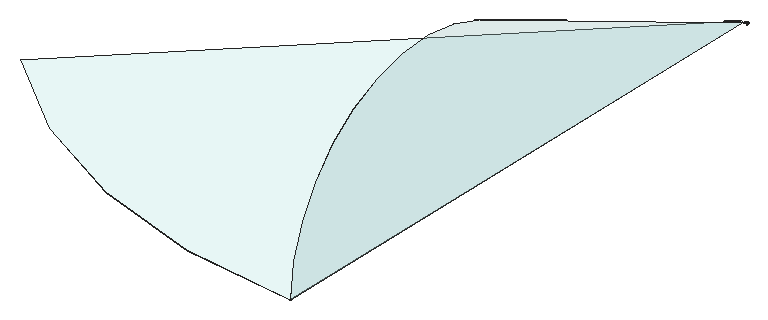
Revit family "Rotor XLR Series - IXLRADJ", category Acessórios do tubo, Revit 2020
Family settings
  Cota do conector redondo = Utilizar diâmetro
  Tipo de parte = Normal
  Número OmniClass = 23.60.30.11.14
  Título OmniClass = Pipework Fittings
  Com base no plano de trabalho = Não
  Sempre na vertical = Sim
  Corte com vazios quando carregada = Não
  Compartilhado = Não
Parameters (values of type "Nozzle 1.10")
  Water = Water
  URL = "https://www.rainbird.com/"
  TABLE 90 = "TABLE 90psi"
  TABLE 80 = "TABLE 80psi"
  TABLE 60 = "TABLE 60psi"
  TABLE 70 = "TABLE 70psi"
  TABLE 50 = "TABLE 50psi"
  TABLE 40 = "TABLE 40psi"
  TABLE 30 = "TABLE 30psi"
  TABLE 120 = "TABLE 120psi"
  TABLE 110 = "TABLE 110psi"
  TABLE 100 = "TABLE 100psi"
  SupportProjetos: Reviw Date = ""  # constant formula
  SupportProjetos: Reviw = "R00"  # constant formula
  SupportProjetos: Level of Detail = "LOD 300"  # constant formula
  SupportProjetos: Developed = "MICHEL SOARES MOTA"  # constant formula
  SupportProjetos: Creation Date = "14/08/2020"  # constant formula
  Side inlet = no
  Rotation Water Visibility [instance] = Pop up on  # yes
  Rotation Angle [instance] = 45.00°
  RainBird: Product Link = "https://www.rainbird.com/"
  RainBird: Description = "IXLRADJ Rotor "  # constant formula
  RainBird: Comment [instance] = ""
  RainBird: Code = "IXLRADJ"  # constant formula
  Radius [instance] = if(and(Pressure = 30.0 psi, Instance < 10 ft), size_lookup(TABLE 30, "Radius", 0 ft, Instance), if(and(Pressure = 40.0 psi, Instance < 19 ft), size_lookup(TABLE 40, "Radius", 0 ft, Instance), if(and(Pressure = 50.0 psi, Instance < 19 ft), size_lookup(TABLE 50, "Radius", 0 ft, Instance), if(and(Pressure = 60.0 psi, Instance < 19 ft), size_lookup(TABLE 60, "Radius", 0 ft, Instance), if(and(Pressure = 70.0 psi, Instance < 19 ft), size_lookup(TABLE 70, "Radius", 0 ft, Instance), if(and(Pressure = 80.0 psi, Instance < 19 ft), size_lookup(TABLE 80, "Radius", 0 ft, Instance), if(and(Pressure = 90.0 psi, Instance < 19 ft), size_lookup(TABLE 90, "Radius", 0 ft, Instance), if(and(Pressure = 100.0 psi, Instance < 19 ft), size_lookup(TABLE 100, "Radius", 0 ft, Instance), if(and(Pressure = 110.0 psi, Instance < 19 ft), size_lookup(TABLE 100, "Radius", 0 ft, Instance), if(and(Pressure = 120.0 psi, Instance > 10 ft), size_lookup(TABLE 120, "Radius", 0 ft, Instance), 0 ft))))))))))  # 104 ft
  RT = 0.009893 ft
  RN = 0.044578 ft
  R5 = 0.03937 ft
  R4 = 0.052124 ft
  R3 = 0.065617 ft
  R2 = 0.088998 ft
  R1 = 0.032808 ft
  Pressure [instance] = 30.0 psi
  Pop up height = 0.164042 ft
  Pop up on [instance] = yes
  Modelo = "IXLRADJ"  # constant formula
  Instance = 9 ft
  H1 = Body height / 3  # 0.047351 ft
  Gray Plastic = Gray Plastic
  Flow [instance] = if(and(Pressure = 30.0 psi, Instance < 10 ft), size_lookup(TABLE 30, "Flow", 0.0 GPM, Instance), if(and(Pressure = 40.0 psi, Instance < 19 ft), size_lookup(TABLE 40, "Flow", 0.0 GPM, Instance), if(and(Pressure = 50.0 psi, Instance < 19 ft), size_lookup(TABLE 50, "Flow", 0.0 GPM, Instance), if(and(Pressure = 60.0 psi, Instance < 19 ft), size_lookup(TABLE 60, "Flow", 0.0 GPM, Instance), if(and(Pressure = 70.0 psi, Instance < 19 ft), size_lookup(TABLE 70, "Flow", 0.0 GPM, Instance), if(and(Pressure = 80.0 psi, Instance < 19 ft), size_lookup(TABLE 80, "Flow", 0.0 GPM, Instance), if(and(Pressure = 90.0 psi, Instance < 19 ft), size_lookup(TABLE 90, "Flow", 0.0 GPM, Instance), if(and(Pressure = 100.0 psi, Instance < 19 ft), size_lookup(TABLE 100, "Flow", 0.0 GPM, Instance), if(and(Pressure = 110.0 psi, Instance < 19 ft), size_lookup(TABLE 100, "Flow", 0.0 GPM, Instance), if(and(Pressure = 120.0 psi, Instance > 10 ft), size_lookup(TABLE 120, "Flow", 0.0 GPM, Instance), 0.0 GPM))))))))))  # 189.0 GPM
  Fabricante = "Rain Bird"
  Elevação padrão = 0 ft
  Description = RainBird: Description  # "IXLRADJ Rotor "
  DD13 = 0.002625 ft
  DD12 = 0.003937 ft
  DD11 = 0.009897 ft
  DD10 = 0.016404 ft
  DD8 [instance] = if(Pop up on, Pop up height, 0 ft)  # 0.164042 ft
  DD7 = 0.019685 ft
  DD6 [instance] = 0.016404 ft
  DD5 = 0.065617 ft
  DD4 = 0.82021 ft
  DD3 = 0.044055 ft
  DD2 [instance] = 0.024514 ft
  DD9 [instance] = if(Pop up on, Pop up height + 0.049541 ft, 0.026247 ft)  # 0.213583 ft
  DD1 = 0.006562 ft
  DD = 0.492126 ft
  Conection = 0.062664 ft  # constant formula
  Cobre = Cobre
  Body height = 0.142054 ft
  Blue = Blue Plastic
  Black Plastic = Black Plastic
  Angle = 24.00°
Types (10, lengths in ft): name | Radius | Instance | Flow | Angle
  (no name) | 104 | 9 | 189.0 GPM | 24.00°
  Nozzle 0.47 | 81 | 1 | 35.0 GPM | 25.00°
  Nozzle 0.55 | 88 | 2 | 48.0 GPM | 25.00°
  Nozzle 0.63 | 96 | 3 | 62.0 GPM | 25.00°
  Nozzle 0.71 | 98 | 4 | 78.0 GPM | 25.00°
  Nozzle 0.79 | 99 | 5 | 97.0 GPM | 25.00°
  Nozzle 0.87 | 101 | 6 | 117.0 GPM | 25.00°
  Nozzle 0.94 | 102 | 7 | 139.0 GPM | 25.00°
  Nozzle 1.02 | 103 | 8 | 164.0 GPM | 25.00°
  Nozzle 1.10 | 104 | 9 | 189.0 GPM | 24.00°
Reference planes (ft)
  plane 1 "Centro (Frente/Trás)": y = 0
  plane 2: z = 0
  plane 3 "Centro (Esquerda/Direita)": x = 0
  plane 4: z = 0.003937
  plane 5: z = 0.002625
  plane 6: y = -0.065617
Forms (ft)
  Revolve 1, solid, material "Cobre" <- "Cobre"
    sketch origin (0, 0, 0) x (1, 0, 0) y (0, 0, 1)
      loop
        line (0.088998, -0.044055) -> (0.088998, -0.016154) -> (0.110538, -0.016154) -> (0.110538, 0.02344)
        arc (0.110538, 0.02344) -> (0.108361, 0.028697) -> (0.103103, 0.030875) r 0.007435
        line (0.103103, 0.030875) -> (0.088998, 0.030875) -> (0.088998, 0.041745) -> (0.075211, 0.041745) -> (0.075211, 0.046088) -> (0.006562, 0.046088) -> (0.006562, -0.044055) -> (0.03937, -0.044055) -> (0.03937, -0.051181) -> (0.019685, -0.051181) -> (0.019685, -0.138545) -> (0.044578, -0.138545) -> (0.044578, -0.142054) -> (0.052124, -0.142054) -> (0.052124, -0.138545) -> (0.073088, -0.138545)
        arc (0.073088, -0.138545) -> (0.080084, -0.135647) -> (0.082981, -0.128652) r 0.009893
        line (0.082981, -0.128652) -> (0.082981, -0.044055) -> (0.088998, -0.044055)
      axis (0, -0.142054) -> (0, 0.046088)
    angle from 0 to 360
  Extrusion 2, solid, material "Water" <- "Water", visible <- "Rotation Water Visibility"
    sketch origin (0, 0, 0) x (0, 1, 0) y (0, 0, 1)
      loop
        line (-0.82021, 0.494751) -> (-61.375696, 27.45579)
        arc (-61.375696, 27.45579) -> (-90.239007, 25.482231) -> (-104.82021, 0.494751) r 30.901722
        line (-104.82021, 0.494751) -> (-0.82021, 0.494751)
    from -0.008202 to 0.008202
  Extrusion 3, solid, material "Gray Plastic" <- "Gray Plastic", visible <- "Pop up on"
    sketch origin (-0.00137, -0.002795, -0.035698) x (-0.00469, 0.999989, 0) y (0, 0, 1)
      loop
        line (-0.060666, 0.164299) -> (-0.067193, 0.150302) -> (-0.091523, 0.174632) -> (-0.076533, 0.180087) -> (-0.173316, 0.23824) -> (-0.173316, 0.217407) -> (-0.777521, 0.499153) -> (-0.786354, 0.485017)
        arc (-0.786354, 0.485017) -> (-0.787942, 0.475525) -> (-0.782353, 0.46769) r 0.012575
        line (-0.782353, 0.46769) -> (-0.563338, 0.330834) -> (-0.571008, 0.316408) -> (-0.564625, 0.307292)
        arc (-0.564625, 0.307292) -> (-0.552881, 0.296049) -> (-0.537729, 0.290157) r 0.041667
        line (-0.537729, 0.290157) -> (-0.503282, 0.284083) -> (-0.499035, 0.292071) -> (-0.201965, 0.134116) -> (-0.233075, 0.094297) -> (-0.213694, 0.081224) -> (-0.155969, 0.155109)
        arc (-0.155969, 0.155109) -> (-0.142811, 0.162859) -> (-0.127902, 0.159554) r 0.020833
        line (-0.127902, 0.159554) -> (-0.062866, 0.115687) -> (-0.062866, 0.094673) -> (-0.085994, 0.088245) -> (-0.070938, 0.081224) -> (0.037968, 0.081224) -> (0.040501, 0.065363) -> (0.040501, 0.035698) -> (0.04524, 0.035698) -> (0.050298, 0.081224) -> (0.050298, 0.100559) -> (0.072978, 0.106863)
        arc (0.072978, 0.106863) -> (0.078924, 0.117387) -> (0.068401, 0.123333) r 0.008547
        line (0.068401, 0.123333) -> (0.050298, 0.110657) -> (0.050298, 0.157737)
        arc (0.050298, 0.157737) -> (0.048376, 0.162377) -> (0.043737, 0.164299) r 0.006562
        line (0.043737, 0.164299) -> (-0.060666, 0.164299)
      loop
        line (-0.034211, 0.143466) -> (-0.034211, 0.125376) -> (-0.014598, 0.11623) -> (0.01821, 0.11623) -> (0.040501, 0.108117) -> (0.040501, 0.143466) -> (-0.034211, 0.143466)
      loop
        line (-0.034211, 0.107286) -> (-0.014889, 0.094253) -> (0.040501, 0.094253) -> (0.040501, 0.104202) -> (0.016551, 0.106863) -> (-0.016257, 0.106863) -> (-0.034211, 0.118973) -> (-0.034211, 0.107286)
      loop
        line (-0.489598, 0.297212) -> (-0.199671, 0.149812) -> (-0.182085, 0.167398)
        arc (-0.182085, 0.167398) -> (-0.179498, 0.175243) -> (-0.184266, 0.18199) r 0.009177
        line (-0.184266, 0.18199) -> (-0.471989, 0.334974) -> (-0.489598, 0.297212)
    from -0.012219 to 0.012755
  Blend 4, solid, material "Gray Plastic" <- "Gray Plastic"
    base sketch origin (0, 0, 0.06238) x (1, 0, 0) y (0, 0, 1)
      loop
        circle (-0.001423, 0.087635) r 0.041667
    top sketch origin (0, 0, 0.06238) x (1, 0, 0) y (0, 0, 1)
      loop
        circle (0.000866, 0.336735) r 0.028016
    from 0 to 0.579976
  Extrusion 5, solid, material "Black Plastic" <- "Black Plastic"
    sketch origin (0, 0, 0) x (0, 1, 0) y (0, 0, 1)
      loop
        line (-0.579976, 0.3711) -> (-0.579976, 0.426781) -> (-0.609736, 0.440658) -> (-0.644818, 0.440658) -> (-0.696216, 0.454431) -> (-0.70502, 0.435549) -> (-0.648376, 0.409136) -> (-0.579976, 0.3711)
      loop
        line (-0.780261, 0.463406) -> (-0.726759, 0.438458) -> (-0.737248, 0.463167) -> (-0.776875, 0.476043) -> (-0.780261, 0.463406)
    from -0.0135 to 0.012198
  Extrusion 6, solid, material "Black Plastic" <- "Black Plastic"
    sketch origin (0, 0, 0) x (1, 0, 0) y (0, 1, 0)
      loop
        line (-0.048613, 0.053206) -> (-0.048613, -0.057819) -> (0.046082, -0.057819) -> (0.046082, 0.053206) -> (-0.048613, 0.053206)
      loop
        line (-0.013931, 0.047562) -> (-0.013931, -0.04228) -> (0.011642, -0.04228) -> (0.011642, 0.047562) -> (-0.013931, 0.047562)
    from 0.107768 to 0.175306
Dimensions and locks (ft)
  "Body height": level to Revolve 1 sketch curve
  "R2": Revolve 1 sketch curve to plane 3 "Centro (Esquerda/Direita)"
  "DD3": level to Revolve 1 sketch curve
  Revolve 1 sketch curve to plane 3 "Centro (Esquerda/Direita)" = 0.082981 ft
  "R4": Revolve 1 sketch curve to plane 3 "Centro (Esquerda/Direita)"
  "RN": Revolve 1 sketch curve to plane 3 "Centro (Esquerda/Direita)"
  "DD7": Revolve 1 sketch curve to plane 3 "Centro (Esquerda/Direita)"
  "DD12": plane 4 to level
  "DD13": plane 5 to level
  "R3": plane 6 to plane 1 "Centro (Frente/Trás)"
  "DD4": plane 1 "Centro (Frente/Trás)" to Extrusion 2 sketch curve
  "Radius": Extrusion 2 sketch curve to Extrusion 2 sketch curve
  equal spacing: Extrusion 2, plane 3 "Centro (Esquerda/Direita)", Extrusion 2
  "DD6": Extrusion 2 to Extrusion 2
  "DD": Extrusion 2 sketch curve to plane 5
  "RT": radius of Revolve 1 sketch curve
  "Angle": angle Extrusion 2 sketch curve to Extrusion 2 sketch curve
  aligned and locked: level to plane 2
  aligned and locked: Revolve 1 sketch curve to Revolve 1 sketch curve
Automatic sketch dimensions
  Blend 4 sketch curve to plane 3 "Centro (Esquerda/Direita)" = 0.001423 ft
  plane 4 to Blend 4 sketch curve = 0.146078 ft
  plane 3 "Centro (Esquerda/Direita)" to Blend 4 sketch curve = 0.000866 ft
  plane 4 to Blend 4 sketch curve = 0.395179 ft
  Extrusion 5 sketch curve to plane 6 = 0.711258 ft
  Extrusion 5 sketch curve to Extrusion 5 sketch curve = 0.039627 ft
  Extrusion 5 sketch curve to Extrusion 5 sketch curve = 0.032227 ft
  plane 4 to Extrusion 5 sketch curve = 0.450494 ft
  Extrusion 5 sketch curve to Extrusion 5 sketch curve = 0.008805 ft
  Extrusion 5 sketch curve to Extrusion 5 sketch curve = 0.056644 ft
  Extrusion 5 sketch curve to Extrusion 5 sketch curve = 0.003558 ft
  Extrusion 5 sketch curve to Extrusion 5 sketch curve = 0.035082 ft
  Extrusion 5 sketch curve to Extrusion 5 sketch curve = 0.02976 ft
  Extrusion 5 sketch curve to Extrusion 5 sketch curve = 0.013772 ft
  Extrusion 5 sketch curve to Extrusion 5 sketch curve = 0.018881 ft
  Extrusion 5 sketch curve to Extrusion 5 sketch curve = 0.013877 ft
  Extrusion 5 sketch curve to Extrusion 5 sketch curve = 0.055681 ft
  Extrusion 5 sketch curve to Extrusion 5 sketch curve = 0.008737 ft
  Extrusion 5 sketch curve to Extrusion 5 sketch curve = 0.012876 ft
  Extrusion 5 sketch curve to Extrusion 5 sketch curve = 0.003386 ft
  Extrusion 5 sketch curve to Extrusion 5 sketch curve = 0.021739 ft
  Extrusion 5 sketch curve to Extrusion 5 sketch curve = 0.002909 ft
  Extrusion 5 sketch curve to Extrusion 5 sketch curve = 0.012637 ft
  level to Extrusion 3 sketch curve = 0 ft
  plane 4 to Extrusion 3 sketch curve = 0.445383 ft
  plane 4 to Extrusion 3 sketch curve = 0.428055 ft
  Extrusion 3 sketch curve to Extrusion 3 sketch curve = 0.004 ft
  plane 4 to Extrusion 3 sketch curve = 0.459518 ft
  Extrusion 3 sketch curve to Extrusion 3 sketch curve = 0.008833 ft
  Extrusion 3 sketch curve to Extrusion 3 sketch curve = 0.010664 ft
  plane 4 to Extrusion 3 sketch curve = 0.276773 ft
  Extrusion 3 sketch curve to Extrusion 3 sketch curve = 0.211345 ft
  plane 4 to Extrusion 3 sketch curve = 0.267657 ft
  Extrusion 3 sketch curve to Extrusion 3 sketch curve = 0.006383 ft
  plane 4 to Extrusion 3 sketch curve = 0.291199 ft
  Extrusion 3 sketch curve to Extrusion 3 sketch curve = 0.00767 ft
  plane 4 to Extrusion 3 sketch curve = 0.250523 ft
  Extrusion 3 sketch curve to Extrusion 3 sketch curve = 0.026896 ft
  Extrusion 3 sketch curve to Extrusion 3 sketch curve = 0.032844 ft
  plane 4 to Extrusion 3 sketch curve = 0.244449 ft
  Extrusion 3 sketch curve to Extrusion 3 sketch curve = 0.034447 ft
  plane 4 to Extrusion 3 sketch curve = 0.252436 ft
  Extrusion 3 sketch curve to Extrusion 3 sketch curve = 0.004247 ft
  plane 4 to Extrusion 3 sketch curve = 0.257577 ft
  Extrusion 3 sketch curve to Extrusion 3 sketch curve = 0.009437 ft
  plane 4 to Extrusion 3 sketch curve = 0.29534 ft
  Extrusion 3 sketch curve to Extrusion 3 sketch curve = 0.017609 ft
  plane 4 to Extrusion 3 sketch curve = 0.054662 ft
  Extrusion 3 sketch curve to Extrusion 3 sketch curve = 0.256523 ft
  plane 4 to Extrusion 3 sketch curve = 0.041589 ft  (x2)
  Extrusion 3 sketch curve to Extrusion 3 sketch curve = 0.019381 ft
  plane 4 to Extrusion 3 sketch curve = 0.094481 ft
  plane 4 to Extrusion 3 sketch curve = 0.110178 ft
  Extrusion 3 sketch curve to Extrusion 3 sketch curve = 0.002294 ft
  Extrusion 3 sketch curve to Extrusion 3 sketch curve = 0.011097 ft
  plane 4 to Extrusion 3 sketch curve = 0.142355 ft
  Extrusion 3 sketch curve to Extrusion 3 sketch curve = 0.004308 ft
  plane 4 to Extrusion 3 sketch curve = 0.127763 ft
  Extrusion 3 sketch curve to Extrusion 3 sketch curve = 0.006489 ft
  Extrusion 3 sketch curve to Extrusion 3 sketch curve = 0.01095 ft
  plane 4 to Extrusion 3 sketch curve = 0.115474 ft
  Extrusion 3 sketch curve to Extrusion 3 sketch curve = 0.026117 ft
  Extrusion 3 sketch curve to Extrusion 3 sketch curve = 0.016417 ft
  plane 4 to Extrusion 3 sketch curve = 0.119919 ft
  Extrusion 3 sketch curve to Extrusion 3 sketch curve = 0.01165 ft
  plane 4 to Extrusion 3 sketch curve = 0.134997 ft
  Extrusion 3 sketch curve to Extrusion 3 sketch curve = 0.036379 ft
  plane 4 to Extrusion 3 sketch curve = 0.04861 ft
  Extrusion 3 sketch curve to Extrusion 3 sketch curve = 0.053557 ft
  plane 4 to Extrusion 3 sketch curve = 0.140453 ft
  Extrusion 3 sketch curve to Extrusion 3 sketch curve = 0.01499 ft
  Extrusion 3 sketch curve to Extrusion 3 sketch curve = 0.015057 ft
  plane 4 to Extrusion 3 sketch curve = 0.110667 ft
  Extrusion 3 sketch curve to Extrusion 3 sketch curve = 0.00934 ft
  plane 4 to Extrusion 3 sketch curve = 0.055039 ft
  Extrusion 3 sketch curve to Extrusion 3 sketch curve = 0.008072 ft
  plane 4 to Extrusion 3 sketch curve = 0.124664 ft
  Extrusion 3 sketch curve to Extrusion 3 sketch curve = 0.006527 ft
  plane 4 to Extrusion 3 sketch curve = 0.067651 ft
  Extrusion 3 sketch curve to Extrusion 3 sketch curve = 0.028655 ft
  Extrusion 3 sketch curve to Extrusion 3 sketch curve = 0 ft  (x3)
  plane 4 to Extrusion 3 sketch curve = 0.067228 ft  (x2)
  Extrusion 3 sketch curve to Extrusion 3 sketch curve = 0.017953 ft
  Extrusion 3 sketch curve to Extrusion 3 sketch curve = 0.001369 ft
  Extrusion 3 sketch curve to Extrusion 3 sketch curve = 0.001659 ft  (x2)
  Extrusion 3 sketch curve to Extrusion 3 sketch curve = 0.031149 ft
  Extrusion 3 sketch curve to Extrusion 3 sketch curve = 0.021417 ft
  plane 4 to Extrusion 3 sketch curve = 0.025729 ft
  Extrusion 3 sketch curve to Extrusion 3 sketch curve = 0.002534 ft  (x2)
  Extrusion 3 sketch curve to Extrusion 3 sketch curve = 0.022291 ft
  Extrusion 3 sketch curve to Extrusion 3 sketch curve = 0.003235 ft
  Extrusion 3 sketch curve to Extrusion 3 sketch curve = 0.004739 ft
  plane 4 to Extrusion 3 sketch curve = 0.071023 ft
  Extrusion 3 sketch curve to Extrusion 3 sketch curve = 0.009797 ft
  plane 4 to Extrusion 3 sketch curve = 0.060925 ft
  plane 4 to Extrusion 3 sketch curve = 0.083698 ft
  Extrusion 3 sketch curve to Extrusion 3 sketch curve = 0.018102 ft
  Extrusion 3 sketch curve to Extrusion 3 sketch curve = 0.002289 ft  (x2)
  Extrusion 3 sketch curve to Extrusion 3 sketch curve = 0.006306 ft
  Extrusion 3 sketch curve to Extrusion 3 sketch curve = 0.009949 ft
  Extrusion 3 sketch curve to Extrusion 3 sketch curve = 0.003915 ft
  Extrusion 3 sketch curve to Extrusion 3 sketch curve = 0.021013 ft
  Extrusion 3 sketch curve to Extrusion 3 sketch curve = 0.009367 ft
  Extrusion 3 sketch curve to Extrusion 3 sketch curve = 0.011687 ft
  Extrusion 3 sketch curve to Extrusion 3 sketch curve = 0.006403 ft
  Extrusion 3 sketch curve to Extrusion 3 sketch curve = 0.01809 ft
  Extrusion 3 sketch curve to Extrusion 3 sketch curve = 0.035417 ft
  Extrusion 3 sketch curve to Extrusion 3 sketch curve = 0.020833 ft
  plane 6 to Extrusion 6 sketch curve = 0.007798 ft
  Extrusion 6 sketch curve to plane 3 "Centro (Esquerda/Direita)" = 0.048613 ft
  Extrusion 6 sketch curve to plane 3 "Centro (Esquerda/Direita)" = 0.013931 ft
  plane 3 "Centro (Esquerda/Direita)" to Extrusion 6 sketch curve = 0.011642 ft
  Extrusion 6 sketch curve to Extrusion 6 sketch curve = 0.034439 ft
  plane 6 to Extrusion 6 sketch curve = 0.023337 ft
  Extrusion 6 sketch curve to plane 1 "Centro (Frente/Trás)" = 0.047562 ft
  Extrusion 6 sketch curve to Extrusion 6 sketch curve = 0.005644 ft
  Revolve 1 sketch curve to plane 3 "Centro (Esquerda/Direita)" = 0 ft
  plane 3 "Centro (Esquerda/Direita)" to Revolve 1 sketch curve = 0.006562 ft
  Revolve 1 sketch curve to Revolve 1 sketch curve = 0.019685 ft
  Revolve 1 sketch curve to Revolve 1 sketch curve = 0.013787 ft  (x2)
  Revolve 1 sketch curve to Revolve 1 sketch curve = 0.014105 ft
  Revolve 1 sketch curve to Revolve 1 sketch curve = 0.007435 ft
  Revolve 1 sketch curve to Revolve 1 sketch curve = 0.003509 ft
  Revolve 1 sketch curve to level = 0.051181 ft
  Revolve 1 sketch curve to Revolve 1 sketch curve = 0.007127 ft
  Revolve 1 sketch curve to level = 0.016154 ft
  plane 4 to Revolve 1 sketch curve = 0.019503 ft
  Revolve 1 sketch curve to Revolve 1 sketch curve = 0.010871 ft
  Revolve 1 sketch curve to Revolve 1 sketch curve = 0.004343 ft
  Revolve 1 sketch curve to Revolve 1 sketch curve = 0.074191 ft
  Revolve 1 sketch curve to Revolve 1 sketch curve = 0.918635 ft
  Extrusion 2 sketch curve to level = 0.774337 ft
  radius of Blend 4 sketch curve = 0.041667 ft
  radius of Blend 4 sketch curve = 0.028016 ft
Nested families (ft)
  nested 1: "Water" at (0.00015, 0, 0.375492) x (0, -1, 0) z (0, 0, 1), DT9 <- "DD4", Radius <- "Radius", visible <- "Rotation Water Visibility", Rotation Angle <- "Rotation Angle", type "Water"
    with Rotation Angle 45.00°, Radius 104 ft, DT9 0.82021 ft, DT8 0 ft, DT7 416 ft, DT4 520 ft, Angle 2 315.00°
Connectors (ft)
  piping at (0, 0, -0.142054), diameter 2
    settings: on Revolve 1, index 1, connector inside diameter 609.6 mm, connector length 0 ft, flow factor 0, pipe flow 0.0 GPM, pressure drop 0.0 psi, fitting loss kfactor 0, connector angle 0.00°, fixture units 0, engagement length 0 ft, angle of deflection 0.00°, flow configuration 0, flow direction 0, fitting loss method 0, system type 28, joint type 0, gender type 0, connector reference index -1, connector utility 0, adjustable connector no, is connector primary yes, connector description ""
Definition of nested family "Water"
  Parameters (values of type "Water")
    Water Visibility (Circle) = yes
    Water = none
    URL = ""
    SupportProjetos: Reviw Date = ""  # constant formula
    SupportProjetos: Level of Detail = "LOD 300"  # constant formula
    SupportProjetos: Developed = "MICHEL SOARES MOTA"  # constant formula
    SupportProjetos: Creation Date = "16/07/2020"  # constant formula
    Rotation Angle [instance] = 90.00°
    Reviw = "R00"  # constant formula
    Radius [instance] = 14 ft
    Model = ""
    Default Elevation = 4 ft
    Description = ""
    DT9 [instance] = 0.032808 ft
    DT8 [instance] = if(Rotation Angle = 360.00°, 10 ft, 0 ft)  # 0 ft
    DT7 [instance] = 4 * Radius  # 56 ft
    DT4 [instance] = 5 * Radius  # 70 ft
    DT2 = 0.098425 ft  # constant formula
    DT6 = 0 ft
    Angle 2 [instance] = if(Rotation Angle = 360.00°, 180.00°, 360.00° - Rotation Angle)  # 270.00°
  Reference planes (ft)
    plane 1 "Centro (Frente/Trás)": y = 0
    plane 2: z = 0
    plane 3 "Centro (Esquerda/Direita)": x = 0
  Forms (ft)
    Revolve 1, solid, material <- "Water", visible <- "Water Visibility (Circle)"
      sketch origin (0, 0, 0) x (1, 0, 0) y (0, 0, 1)
        loop
          line (0.032808, 0.098425) -> (14.032808, 0.098425) -> (14.032808, 0.119259) -> (0.032808, 0.119259) -> (0.032808, 0.098425)
        axis (0, 0.098425) -> (0, 0.119259)
      angle from 0 to 360
    Extrusion 2, void
      sketch origin (0, 0, 0) x (1, 0, 0) y (0, 1, 0)
        loop
          line (0, 0) -> (70, 0) -> (70, 56)
          arc (70, 56) -> (-70.459018, 51.588344) -> (0, -70) r 81.847109
          line (0, -70) -> (0, 0)
      from 0 to 15.189231
  Cuts and joins
    Extrusion 2 cuts Revolve 1
  Dimensions and locks (ft)
    "DT2": Revolve 1 sketch curve to level
    "DT4": Extrusion 2 sketch curve to Extrusion 2 sketch curve  (x2)
    "DT6": Extrusion 2 sketch curve to plane 3 "Centro (Esquerda/Direita)"
    "DT7": Extrusion 2 sketch curve to Extrusion 2 sketch curve
    "DT8": cut or joined group of Revolve 1, Extrusion 2 to level
    "Radius": Revolve 1 sketch curve to Revolve 1 sketch curve
    "DT9": Revolve 1 sketch curve to plane 3 "Centro (Esquerda/Direita)"
    "Angle 2": angle Extrusion 2 sketch curve to Extrusion 2 sketch curve
    aligned and locked: level to plane 2
    aligned and locked: plane 1 "Centro (Frente/Trás)" to Extrusion 2 sketch curve
  Automatic sketch dimensions
    plane 3 "Centro (Esquerda/Direita)" to Extrusion 2 sketch curve = 1.088227 ft
    Revolve 1 sketch curve to plane 3 "Centro (Esquerda/Direita)" = 0 ft
    Revolve 1 sketch curve to Revolve 1 sketch curve = 0.020833 ft
    Revolve 1 sketch curve to Revolve 1 sketch curve = 0.032113 ft
    Revolve 1 sketch curve to Revolve 1 sketch curve = 10.2693 ft
